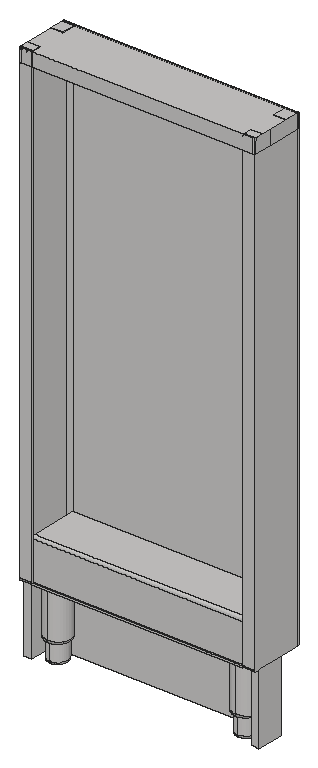
Revit family "Outdoor-Kitchen-Cabinets_Kalamazoo_Appliance-Back-Panels_Arcadia", category Specialty Equipment, Revit 2018
Family settings
  Round Connector Dimension = Use Diameter
  Part Type = Normal
  OmniClass Number = 23.40.40.11
  OmniClass Title = Specialized Food Storage and Display Furnishings
  Work Plane-Based = No
  Always vertical = Yes
  Cut with Voids When Loaded = No
  Shared = No
  Room Calculation Point = No
Parameters (values of type "KD-ABK-15")
  Ι_Gnrc Mdl Optn 02 = Extension : -3/4"
  Ι_Gnrc Mdl Optn 01 = Extension : +3/4"
  Ι_Blt on Dstnc [instance] = if(Height Extension = Ι_Gnrc Mdl Optn 01, 5 1/4", if(Height Extension = Ι_Gnrc Mdl Optn 02, 3 3/4", 4 1/2"))  # 4 1/2"
  Width = 15"
  Weight (lb) = 150.00 lbf
  URL = "https://kalamazoogourmet.com/products/arcadia-15-inch-appliance-back-panel/"
  Product data url = "https://www.bimobject.com/en-us/kalamazoogourmet/product/arcadia-appliance-cabinet"
  Product Material = Kalamazoo - Stainless Steel - 304 OR 316L
  Panel Finish [instance] = Kalamazoo - Ipe Wood
  Optional Decorative Back Panel [instance] = no
  Model = "KD-ABK-15"
  Manufacturer = "Kalamazoo Outdoor Gourmet\r\n"  # constant formula
  Keynote = "11400"
  Height Extension [instance] = Extension : None
  Height [instance] = Ι_Blt on Dstnc + 30 1/2"  # 35"
  Description = "Arcadia 15-Inch Appliance Back Panel"
  Depth = 3 1/2"  # constant formula
  Back Toe-Kick [instance] = yes
  Assembly Code = "E1090300"
Types (5): name | Width | Weight (lb) | URL | Model | Description
  KD-ABK-15 | 15" | 150.00 lbf | "https://kalamazoogourmet.com/products/arcadia-15-inch-appliance-back-panel/" | "KD-ABK-15" | "Arcadia 15-Inch Appliance Back Panel"
  KD-ABK-24 | 24" | 170.00 lbf | "https://kalamazoogourmet.com/products/arcadia-24-inch-appliance-back-panel/" | "KD-ABK-24" | "Arcadia 24-Inch Appliance Back Panel"
  KD-ABK-30 | 30" | 180.00 lbf | "https://kalamazoogourmet.com/products/arcadia-series/" | "KD-ABK-30" | "Arcadia 30-Inch Appliance Back Panel"
  KD-ABK-39 | 39" | 190.00 lbf | "https://kalamazoogourmet.com/products/arcadia-39-inch-appliance-back-panel/" | "KD-ABK-39" | "Arcadia 39-Inch Appliance Back Panel"
  KD-ABK-48 | 48" | 200.00 lbf | "https://kalamazoogourmet.com/products/arcadia-48-inch-appliance-back-panel/" | "KD-ABK-48" | "Arcadia 48-Inch Appliance Back Panel"
Reference planes (in)
  plane 1: y = 0
  plane 2: z = 0
  plane 3 "Center (Left/Right)": x = 0
  plane 4: y = -1.5625
  plane 5 "Center (Front/Back)": y = 1.9375
  plane 6: z = 35
  plane 7: x = -6
  plane 8: x = 6
  plane 9: z = 34.0955
  plane 10: z = 4.5
  plane 11: z = 4.60937
  plane 12: x = -7.5
  plane 13: x = 7.5
Forms (in)
  Revolve 1, solid, material "Kalamazoo - Stainless Steel - 304 OR 316L" <- "Product Material"
    sketch origin (-6, -180, 0.15625) x (0, 0, -1) y (0, -1, 0)
      loop
        line (-1.11125, -179.5947) -> (-4.34375, -179.5947) -> (-4.34375, -180.40727) -> (-1.26737, -180.40727)
        arc (-1.26737, -180.40727) -> (-1.15699, -180.36148) -> (-1.11128, -180.25106) r 0.15621
        line (-1.11128, -180.25106) -> (-1.11128, -180.21979) -> (0.00016, -180.21979)
        arc (0.00016, -180.21979) -> (0.11052, -180.17399) -> (0.15622, -180.06359) r 0.15619
        line (0.15622, -180.06359) -> (0.15622, -179.5947) -> (-1.11125, -179.5947)
      axis (-4.34375, -179.5947) -> (0.15622, -179.5947)
    angle from 0 to 360
  Revolve 2, solid, material "Kalamazoo - Stainless Steel - 304 OR 316L" <- "Product Material"
    sketch origin (6, -180, 0.15625) x (0, 0, -1) y (0, -1, 0)
      loop
        line (-1.11125, -179.5947) -> (-4.34375, -179.5947) -> (-4.34375, -180.40727) -> (-1.26737, -180.40727)
        arc (-1.26737, -180.40727) -> (-1.15699, -180.36148) -> (-1.11128, -180.25106) r 0.15621
        line (-1.11128, -180.25106) -> (-1.11128, -180.21979) -> (0.00016, -180.21979)
        arc (0.00016, -180.21979) -> (0.11052, -180.17399) -> (0.15622, -180.06359) r 0.15619
        line (0.15622, -180.06359) -> (0.15622, -179.5947) -> (-1.11125, -179.5947)
      axis (-4.34375, -179.5947) -> (0.15622, -179.5947)
    angle from 0 to 360
  Extrusion 3, solid, material "Kalamazoo - Stainless Steel - 304 OR 316L" <- "Product Material", visible <- "Back Toe-Kick"
    sketch origin (0, -9.75763, 45.43725) x (0, 1, 0) y (-1, 0, 0)
      loop
        line (10.2249, -7.5) -> (10.2249, 7.5) -> (8.53976, 7.5) -> (8.53976, 7) -> (10.1649, 7) -> (10.1649, -7) -> (8.53976, -7) -> (8.53976, -7.5) -> (10.2249, -7.5)
    from -45.43725 to -40.93725
Dimensions and locks (in)
  "Depth": plane 4 to plane 5 "Center (Front/Back)"
  "Height": plane 6 to level
  locked: plane 6 to plane 9 at 0.9045
  "Ι_Blt on Dstnc": plane 10 to level
  locked: plane 11 to plane 10 at 0.10938
  equal spacing: plane 12, plane 3 "Center (Left/Right)", plane 13
  "Width": plane 12 to plane 13
  Extrusion 3 sketch curve to Extrusion 3 sketch curve to plane 7 = 1/2" locked, 1" locked
  plane 8 to Extrusion 3 sketch curve to Extrusion 3 sketch curve = 1" locked, 1/2" locked
  Extrusion 3 sketch curve to Extrusion 3 sketch curve to plane 1 to Extrusion 3 sketch curve = 0.06" locked, 0.40727" locked, 1.21787" locked
  locked: Extrusion 3 sketch curve to plane 1 at 1.21787
  locked: plane 7 to plane 12 at 1.5
  locked: plane 13 to plane 8 at 1.5
  aligned and locked: plane 2 to level
  aligned and locked: Revolve 1 to plane 10
  aligned and locked: plane 10 to Revolve 2
  aligned and locked: plane 10 to nested 1
  aligned and locked: plane 1 to nested 1
  aligned and locked: plane 3 "Center (Left/Right)" to nested 1
  aligned and locked: Extrusion 3 to plane 2
  aligned and locked: plane 10 to Extrusion 3
Automatic sketch dimensions
  plane 1 to Revolve 1 sketch curve = 0.4053"  (x2)
  level to Revolve 1 sketch curve = 4 1/2"
  Revolve 1 sketch curve to plane 1 = 0.25106"
  level to Revolve 1 sketch curve = 1.42373"
  Revolve 1 sketch curve to Revolve 1 sketch curve = 0.00012"
  Revolve 1 sketch curve to Revolve 1 sketch curve = 0.15621"
  Revolve 1 sketch curve to Revolve 1 sketch curve = 0.00003"
  Revolve 1 sketch curve to plane 1 = 0.06359"
  level to Revolve 1 sketch curve = 0.15623"
  level to Revolve 1 sketch curve = 0.15609"
  level to Revolve 1 sketch curve = 0.00003"
  Revolve 1 sketch curve to Revolve 1 sketch curve = 0"
  Revolve 1 sketch curve to level = 1.24997"
  Revolve 2 sketch curve to plane 1 = 0.4053"  (x2)
  Revolve 2 sketch curve to level = 4 1/2"
  plane 1 to Revolve 2 sketch curve = 0.25106"
  Revolve 2 sketch curve to level = 1.42373"
  Revolve 2 sketch curve to Revolve 2 sketch curve = 0.00012"
  Revolve 2 sketch curve to Revolve 2 sketch curve = 0.15621"
  Revolve 2 sketch curve to Revolve 2 sketch curve = 0.00003"
  plane 1 to Revolve 2 sketch curve = 0.06359"
  Revolve 2 sketch curve to level = 0.15623"
  Revolve 2 sketch curve to level = 0.15609"
  Revolve 2 sketch curve to level = 0.00003"
  Revolve 2 sketch curve to Revolve 2 sketch curve = 0"
  level to Revolve 2 sketch curve = 1.24997"
Nested families (in)
  nested 1: "Grill-Surrounds-and-Back-Panels" at (0, 0, 0), Ι_Blt on Dstnc <- "Ι_Blt on Dstnc", Height <- "Height", type "KD-BKFP-500H-28"
    with Height 35", Width 15"
Definition of nested family "Grill-Surrounds-and-Back-Panels"
  Parameters (values of type "KD-BKFP-500H-28")
    Ι_Bth_Nt_FT60 = yes
    Ι_Bth_FT60 = no
    Ι_Blt on Dstnc [instance] = 4 1/2"
    Width = 28"
    URL = "https://kalamazoogourmet.com/products/arcadia-k500hb-grill-surround/"
    Product Material = none
    Panel = none
    Optional Decorative Back Panel = no
    Model = "KD-SURR-500H-34"
    Manufacturer = "Kalamazoo"  # constant formula
    Keynote = "11400"
    Height [instance] = 35"
    Description = "ARCADIA K750HB GRILL SURROUND"
    Depth = 3 1/2"  # constant formula
    BKPNLSNGL = and(Optional Decorative Back Panel, Width < 29")  # no
    BKPNLDBL = and(Optional Decorative Back Panel, Width > 29")  # no
    Assembly Code = "E1090300"
  Reference planes (in)
    plane 1: y = 0
    plane 2: z = 0
    plane 3 "Center (Left/Right)": x = 0
    plane 4: x = -14
    plane 5: x = 14
    plane 6: y = -1.5625
    plane 7 "Center (Front/Back)": y = 1.9375
    plane 8: x = 13.23897
    plane 9: x = -13.23897
    plane 10: x = -9.952
    plane 11: x = -7.1375
    plane 12: z = 35
    plane 13: x = -13.75
    plane 14: x = 13.75
    plane 15: x = -24
    plane 16: x = 24
    plane 17: x = -14
    plane 18: x = 14
    plane 19: x = -13.75
    plane 20: x = 13.75
    plane 21: x = -10.4501
    plane 22: x = 10.4501
    plane 23: z = 34.0955
    plane 24: z = 4.5
    plane 25: z = 4.60937
    plane 26: x = -1.135
    plane 27: x = 1.135
    plane 28: x = -12.23897
    plane 29: x = 12.23897
    plane 30: z = 34.8
    plane 31: x = 12.75
    plane 32: x = -12.75
  Forms (in)
    Extrusion 1, solid, material <- "Product Material", detail levels fine
      sketch origin (-8.82527, -180, 0.15636) x (0, 0, -1) y (0, -1, 0)
        loop
          line (-34.73564, -181.9375) -> (-4.45164, -181.9375)
          arc (-4.45164, -181.9375) -> (-4.37527, -181.90587) -> (-4.34364, -181.8295) r 0.108
          line (-4.34364, -181.8295) -> (-4.34364, -178.5455)
          arc (-4.34364, -178.5455) -> (-4.37527, -178.46913) -> (-4.45164, -178.4375) r 0.108
          line (-4.45164, -178.4375) -> (-34.73564, -178.4375)
          arc (-34.73564, -178.4375) -> (-34.81201, -178.46913) -> (-34.84364, -178.5455) r 0.108
          line (-34.84364, -178.5455) -> (-34.84364, -179.0625) -> (-34.49464, -179.0625) -> (-34.49464, -180.9375) -> (-34.84364, -180.9375) -> (-34.84364, -181.8295)
          arc (-34.84364, -181.8295) -> (-34.81201, -181.90587) -> (-34.73564, -181.9375) r 0.108
      from 4.4137 to 5.17473
    Extrusion 2, solid, material <- "Product Material", detail levels fine
      sketch origin (8.82527, -180, 0.15636) x (0, 0, -1) y (0, 1, 0)
        loop
          arc (-34.73564, 181.9375) -> (-34.81201, 181.90587) -> (-34.84364, 181.8295) r 0.108
          line (-34.84364, 181.8295) -> (-34.84364, 180.9375) -> (-34.49464, 180.9375) -> (-34.49464, 179.0625) -> (-34.84364, 179.0625) -> (-34.84364, 178.5455)
          arc (-34.84364, 178.5455) -> (-34.81201, 178.46913) -> (-34.73564, 178.4375) r 0.108
          line (-34.73564, 178.4375) -> (-4.45164, 178.4375)
          arc (-4.45164, 178.4375) -> (-4.37527, 178.46913) -> (-4.34364, 178.5455) r 0.108
          line (-4.34364, 178.5455) -> (-4.34364, 181.8295)
          arc (-4.34364, 181.8295) -> (-4.37527, 181.90587) -> (-4.45164, 181.9375) r 0.108
          line (-4.45164, 181.9375) -> (-34.73564, 181.9375)
      from 4.4137 to 5.17473
    Extrusion 3, void
      sketch origin (-8.82527, -180, 0.15636) x (0, 0, -1) y (0, -1, 0)
        loop
          line (-34.49464, -181.8295) -> (-4.45301, -181.8295) -> (-4.45301, -178.5455) -> (-34.49464, -178.5455) -> (-34.49464, -181.8295)
      from 4.4137 to 4.92473
    Extrusion 4, void
      sketch origin (8.82527, -180, 0.15636) x (0, 0, -1) y (0, 1, 0)
        loop
          line (-34.49464, 181.8295) -> (-34.49464, 178.5455) -> (-4.45301, 178.5455) -> (-4.45301, 181.8295) -> (-34.49464, 181.8295)
      from 4.4137 to 4.92473
    Extrusion 5, solid, material <- "Product Material"
      sketch origin (0, 0, 0) x (1, 0, 0) y (0, 0, 1)
        loop
          line (-13.23897, 4.60937) -> (-13.23897, 4.5) -> (13.23897, 4.5) -> (13.23897, 4.60937) -> (-13.23897, 4.60937)
      from -1.8295 to 1.5625
    Extrusion 6, solid, material <- "Product Material"
      sketch origin (-8.82527, -180, 0.15636) x (0, 0, -1) y (0, -1, 0)
        loop
          arc (-34.84364, -181.8295) -> (-34.81213, -181.90575) -> (-34.73599, -181.9375) r 0.108
          line (-34.73599, -181.9375) -> (-4.45164, -181.9375)
          arc (-4.45164, -181.9375) -> (-4.37527, -181.90587) -> (-4.34364, -181.8295) r 0.108
          line (-4.34364, -181.8295) -> (-34.84364, -181.8295)
      from -22.82527 to 5.17473
    Extrusion 7, solid, material <- "Product Material"
      sketch origin (-8.82527, -180, 0.15636) x (0, 0, -1) y (0, -1, 0)
        loop
          line (-7.09962, -178.7105) -> (-7.09962, -181.76874) -> (-7.99462, -181.76874) -> (-7.99462, -181.8295) -> (-4.45301, -181.8295) -> (-4.45301, -178.5455) -> (-6.93462, -178.5455)
          arc (-6.93462, -178.5455) -> (-7.05129, -178.59383) -> (-7.09962, -178.7105) r 0.165
      from -22.06424 to 4.4137
    Extrusion 8, solid, material <- "Product Material", detail levels coarse+medium
      sketch origin (-8.82527, -180, 0.15636) x (0, 0, -1) y (0, -1, 0)
        loop
          line (-34.73564, -181.9375) -> (-4.45164, -181.9375)
          arc (-4.45164, -181.9375) -> (-4.37527, -181.90587) -> (-4.34364, -181.8295) r 0.108
          line (-4.34364, -181.8295) -> (-4.34364, -178.5455)
          arc (-4.34364, -178.5455) -> (-4.37527, -178.46913) -> (-4.45164, -178.4375) r 0.108
          line (-4.45164, -178.4375) -> (-34.73564, -178.4375)
          arc (-34.73564, -178.4375) -> (-34.81201, -178.46913) -> (-34.84364, -178.5455) r 0.108
          line (-34.84364, -178.5455) -> (-34.84364, -179.0625) -> (-34.84364, -180.9375) -> (-34.84364, -181.8295)
          arc (-34.84364, -181.8295) -> (-34.81201, -181.90587) -> (-34.73564, -181.9375) r 0.108
      from 4.4137 to 5.17473
    Extrusion 9, solid, material <- "Product Material", detail levels coarse+medium
      sketch origin (8.82527, -180, 0.15636) x (0, 0, -1) y (0, 1, 0)
        loop
          arc (-34.73564, 181.9375) -> (-34.81201, 181.90587) -> (-34.84364, 181.8295) r 0.108
          line (-34.84364, 181.8295) -> (-34.84364, 180.9375) -> (-34.84364, 179.0625) -> (-34.84364, 178.5455)
          arc (-34.84364, 178.5455) -> (-34.81201, 178.46913) -> (-34.73564, 178.4375) r 0.108
          line (-34.73564, 178.4375) -> (-4.45164, 178.4375)
          arc (-4.45164, 178.4375) -> (-4.37527, 178.46913) -> (-4.34364, 178.5455) r 0.108
          line (-4.34364, 178.5455) -> (-4.34364, 181.8295)
          arc (-4.34364, 181.8295) -> (-4.37527, 181.90587) -> (-4.45164, 181.9375) r 0.108
          line (-4.45164, 181.9375) -> (-34.73564, 181.9375)
      from 4.4137 to 5.17473
    Extrusion 10, solid, material <- "Product Material"
      sketch origin (0, -9.75763, 45.43725) x (0, 1, 0) y (-1, 0, 0)
        loop
          line (9.34676, 14) -> (8.30313, 14)
          arc (8.30313, 14) -> (8.22676, 13.96837) -> (8.19513, 13.892) r 0.108
          line (8.19513, 13.892) -> (8.19513, -13.88097)
          arc (8.19513, -13.88097) -> (8.22277, -13.9644) -> (8.30313, -14) r 0.10851
          line (8.30313, -14) -> (9.35438, -14) -> (11.58713, -14)
          arc (11.58713, -14) -> (11.6635, -13.96837) -> (11.69513, -13.892) r 0.108
          line (11.69513, -13.892) -> (11.69513, 13.892)
          arc (11.69513, 13.892) -> (11.6635, 13.96837) -> (11.58713, 14) r 0.108
          line (11.58713, 14) -> (9.34676, 14)
      from -11.34175 to -10.43725
    Extrusion 11, solid, material <- "Panel", visible <- "BKPNLDBL"
      sketch origin (0, 0, 0) x (1, 0, 0) y (0, 0, 1)
        loop
          line (-12.75, 34.89235) -> (-12.75, 27.36) -> (-1.135, 27.36) -> (-1.135, 34.89235) -> (-12.75, 34.89235)
        loop
          line (12.75, 27.36) -> (12.75, 34.89235) -> (1.135, 34.89235) -> (1.135, 27.36) -> (12.75, 27.36)
        loop
          line (-12.75, 27.18) -> (-12.75, 19.74) -> (-1.135, 19.74) -> (-1.135, 27.18) -> (-12.75, 27.18)
        loop
          line (-12.75, 12.12) -> (-1.135, 12.12) -> (-1.135, 19.56) -> (-12.75, 19.56) -> (-12.75, 12.12)
        loop
          line (-12.75, 4.5) -> (-1.135, 4.5) -> (-1.135, 11.94) -> (-12.75, 11.94) -> (-12.75, 4.5)
        loop
          line (12.75, 19.74) -> (12.75, 27.18) -> (1.135, 27.18) -> (1.135, 19.74) -> (12.75, 19.74)
        loop
          line (12.75, 12.12) -> (12.75, 19.56) -> (1.135, 19.56) -> (1.135, 12.12) -> (12.75, 12.12)
        loop
          line (12.75, 4.5) -> (12.75, 11.94) -> (1.135, 11.94) -> (1.135, 4.5) -> (12.75, 4.5)
      from -2.8475 to -1.9375
    Extrusion 12, solid, material <- "Product Material", visible <- "Optional Decorative Back Panel"
      sketch origin (0, -9.75763, 45.43725) x (0, 1, 0) y (-1, 0, 0)
        loop
          line (11.69513, -13.75) -> (12.48764, -13.75)
          arc (12.48764, -13.75) -> (12.56678, -13.71722) -> (12.59957, -13.63807) r 0.11193
          line (12.59957, -13.63807) -> (12.59957, -12.85168)
          arc (12.59957, -12.85168) -> (12.56979, -12.77978) -> (12.49789, -12.75) r 0.10168
          line (12.49789, -12.75) -> (11.69513, -12.75) -> (11.69513, -13.75)
        loop
          line (11.69513, 13.75) -> (11.69513, 12.75) -> (12.49789, 12.75)
          arc (12.49789, 12.75) -> (12.56979, 12.77978) -> (12.59957, 12.85168) r 0.10168
          line (12.59957, 12.85168) -> (12.59957, 13.63807)
          arc (12.59957, 13.63807) -> (12.56678, 13.71722) -> (12.48764, 13.75) r 0.11193
          line (12.48764, 13.75) -> (11.69513, 13.75)
      from -40.93725 to -10.63725
    Extrusion 13, solid
      sketch origin (0, 0, 0) x (1, 0, 0) y (0, 0, 1)
        loop
          line (-13.23897, 34.0955) -> (-13.23897, 4.5) -> (13.23897, 4.5) -> (13.23897, 34.0955) -> (-13.23897, 34.0955)
      from -1.8295 to -1.75467
    Extrusion 14, solid, material <- "Panel", visible <- "BKPNLSNGL"
      sketch origin (0, 0, 0) x (1, 0, 0) y (0, 0, 1)
        loop
          line (12.75, 11.94) -> (-12.75, 11.94) -> (-12.75, 4.5) -> (12.75, 4.5) -> (12.75, 11.94)
        loop
          line (12.75, 19.56) -> (-12.75, 19.56) -> (-12.75, 12.12) -> (12.75, 12.12) -> (12.75, 19.56)
        loop
          line (-12.75, 19.74) -> (12.75, 19.74) -> (12.75, 27.18) -> (-12.75, 27.18) -> (-12.75, 19.74)
        loop
          line (-12.75, 27.36) -> (12.75, 27.36) -> (12.75, 34.89235) -> (-12.75, 34.89235) -> (-12.75, 27.36)
      from -2.8475 to -1.9375
    Extrusion 15, solid, material <- "Product Material", visible <- "BKPNLDBL"
      sketch origin (0, -9.75763, 45.43725) x (0, 1, 0) y (-1, 0, 0)
        loop
          arc (12.60513, 1.02307) -> (12.57235, 1.10222) -> (12.4932, 1.135) r 0.11193
          line (12.4932, 1.135) -> (11.69513, 1.135) -> (11.69513, 0.135) -> (12.50345, 0.135)
          arc (12.50345, 0.135) -> (12.57535, 0.16478) -> (12.60513, 0.23668) r 0.10168
          line (12.60513, 0.23668) -> (12.60513, 1.02307)
        loop
          arc (12.60513, -0.23668) -> (12.57535, -0.16478) -> (12.50345, -0.135) r 0.10168
          line (12.50345, -0.135) -> (11.69513, -0.135) -> (11.69513, -1.135) -> (12.4932, -1.135)
          arc (12.4932, -1.135) -> (12.57235, -1.10222) -> (12.60513, -1.02307) r 0.11193
          line (12.60513, -1.02307) -> (12.60513, -0.23668)
      from -40.93725 to -10.5449
  Cuts and joins
    Extrusion 3, Extrusion 4 cuts Extrusion 1
    Extrusion 4 cuts Extrusion 2
  Lines and regions (in)
    Masking region 1, detail levels fine
      outline origin (0, -9.75763, 45.43725) x (0, 1, 0) y (-1, 0, 0)
        loop
          arc (10.69513, 13.87) -> (9.75796, 13.5) -> (8.82013, 13.86832) r 1.375
          line (8.82013, 13.86832) -> (8.82013, 14) -> (8.30313, 14)
          arc (8.30313, 14) -> (8.22676, 13.96837) -> (8.19513, 13.892) r 0.108
          line (8.19513, 13.892) -> (8.19513, -13.88097)
          arc (8.19513, -13.88097) -> (8.22277, -13.9644) -> (8.30313, -14) r 0.10851
          line (8.30313, -14) -> (8.82013, -14) -> (8.82013, -13.87)
          arc (8.82013, -13.87) -> (9.7573, -13.5) -> (10.69513, -13.86832) r 1.375
          line (10.69513, -13.86832) -> (10.69513, -14) -> (11.58713, -14)
          arc (11.58713, -14) -> (11.6635, -13.96837) -> (11.69513, -13.892) r 0.108
          line (11.69513, -13.892) -> (11.69513, 13.892)
          arc (11.69513, 13.892) -> (11.6635, 13.96837) -> (11.58713, 14) r 0.108
          line (11.58713, 14) -> (10.69513, 14) -> (10.69513, 13.87)
    Masking region 2
      outline origin (0, -9.75763, 45.43725) x (0, 1, 0) y (-1, 0, 0)
        loop
          arc (11.69513, 13.892) -> (11.6635, 13.96837) -> (11.58713, 14) r 0.108
          line (11.58713, 14) -> (9.34676, 14) -> (8.30313, 14)
          arc (8.30313, 14) -> (8.22676, 13.96837) -> (8.19513, 13.892) r 0.108
          line (8.19513, 13.892) -> (8.19513, -13.88097)
          arc (8.19513, -13.88097) -> (8.22277, -13.9644) -> (8.30313, -14) r 0.10851
          line (8.30313, -14) -> (9.35438, -14) -> (11.58713, -14)
          arc (11.58713, -14) -> (11.6635, -13.96837) -> (11.69513, -13.892) r 0.108
          line (11.69513, -13.892) -> (11.69513, 13.892)
    Masking region 3, visible <- "Optional Decorative Back Panel"
      outline origin (0, -9.75763, 45.43725) x (0, 1, 0) y (-1, 0, 0)
        loop
          line (12.59957, -13.63807) -> (12.59957, -12.85168)
          arc (12.59957, -12.85168) -> (12.56979, -12.77978) -> (12.49789, -12.75) r 0.10168
          line (12.49789, -12.75) -> (11.69513, -12.75) -> (11.69513, -13.75) -> (12.48764, -13.75)
          arc (12.48764, -13.75) -> (12.56678, -13.71722) -> (12.59957, -13.63807) r 0.11193
        loop
          line (12.59957, 12.85168) -> (12.59957, 13.63807)
          arc (12.59957, 13.63807) -> (12.56678, 13.71722) -> (12.48764, 13.75) r 0.11193
          line (12.48764, 13.75) -> (11.69513, 13.75) -> (11.69513, 12.75) -> (12.49789, 12.75)
          arc (12.49789, 12.75) -> (12.56979, 12.77978) -> (12.59957, 12.85168) r 0.10168
    Masking region 4, visible <- "BKPNLDBL"
      outline origin (0, -9.75763, 45.43725) x (0, 1, 0) y (-1, 0, 0)
        loop
          line (12.60513, 1.135) -> (12.60513, 12.75) -> (11.69513, 12.75) -> (11.69513, 1.135) -> (12.60513, 1.135)
        loop
          line (12.60513, -12.75) -> (12.60513, -1.135) -> (11.69513, -1.135) -> (11.69513, -12.75) -> (12.60513, -12.75)
    Masking region 5, visible <- "BKPNLDBL"
      outline origin (0, -9.75763, 45.43725) x (0, 1, 0) y (-1, 0, 0)
        loop
          line (12.60513, 0.23668) -> (12.60513, 1.02307)
          arc (12.60513, 1.02307) -> (12.57235, 1.10222) -> (12.4932, 1.135) r 0.11193
          line (12.4932, 1.135) -> (11.69513, 1.135) -> (11.69513, 0.135) -> (12.50345, 0.135)
          arc (12.50345, 0.135) -> (12.57535, 0.16478) -> (12.60513, 0.23668) r 0.10168
        loop
          line (12.60513, -1.02307) -> (12.60513, -0.23668)
          arc (12.60513, -0.23668) -> (12.57535, -0.16478) -> (12.50345, -0.135) r 0.10168
          line (12.50345, -0.135) -> (11.69513, -0.135) -> (11.69513, -1.135) -> (12.4932, -1.135)
          arc (12.4932, -1.135) -> (12.57235, -1.10222) -> (12.60513, -1.02307) r 0.11193
    Masking region 6, visible <- "BKPNLSNGL"
      outline origin (0, -9.75763, 45.43725) x (0, 1, 0) y (-1, 0, 0)
        loop
          line (12.60513, -12.75) -> (12.60513, 12.75) -> (11.69513, 12.75) -> (11.69513, -12.75) -> (12.60513, -12.75)
    symbolic lines, detail levels fine
      curve 1: line (-14, 0.9375, 45.43725) -> (-14, -0.9375, 45.43725)
      curve 2: line (14, 0.9375, 45.43725) -> (14, -0.9375, 45.43725)
  Dimensions and locks (in)
    equal spacing: plane 4, plane 3 "Center (Left/Right)", plane 5
    "Depth": plane 6 to plane 7 "Center (Front/Back)"
    locked: plane 10 to plane 11 at 2.8145
    locked: plane 4 to plane 10 at 4.048
    "Height": plane 12 to level
    locked: plane 4 to plane 13 at 0.25
    locked: plane 5 to plane 14 at 0.25
    locked: plane 9 to plane 4 at 0.76103
    locked: plane 8 to plane 5 at 0.76103
    locked: plane 17 to plane 19 at 0.25
    locked: plane 20 to plane 18 at 0.25
    locked: plane 4 to plane 21 at 3.5499
    locked: plane 5 to plane 22 at 3.5499
    locked: plane 12 to plane 23 at 0.9045
    "Ι_Blt on Dstnc": plane 24 to level
    locked: plane 25 to plane 24 at 0.10938
    Extrusion 7 sketch curve to Extrusion 7 sketch curve to plane 24 = 0.895" locked, 2.75598" locked
    equal spacing: plane 26, plane 3 "Center (Left/Right)", plane 27
    locked: plane 28 to plane 9 at 1
    locked: plane 8 to plane 29 at 1
    plane 7 "Center (Front/Back)" to Extrusion 12 sketch curve to Extrusion 12 sketch curve = 0.79251", 0.01025" locked
    plane 7 "Center (Front/Back)" to Extrusion 12 sketch curve = 0"
    Extrusion 12 sketch curve to plane 7 "Center (Front/Back)" = 0"
    plane 7 "Center (Front/Back)" to Extrusion 12 sketch curve = 0.79251"
    plane 7 "Center (Front/Back)" to Extrusion 12 sketch curve = 0.80276"
    locked: plane 12 to plane 30 at 0.2
    locked: plane 7 "Center (Front/Back)" to Extrusion 13 at 0.18283
    locked: plane 31 to plane 18 at 1.25
    locked: plane 17 to plane 32 at 1.25
    "Width": plane 4 to plane 5
    locked: plane 5 to plane 18 at 0
    locked: plane 17 to plane 4 at 0
    Extrusion 15 sketch curve to Extrusion 15 sketch curve to plane 27 = 0.27" locked, 1" locked
    aligned and locked: plane 2 to level
    aligned and locked: Extrusion 1 to plane 4
    aligned and locked: plane 9 to Extrusion 1
    aligned and locked: plane 5 to Extrusion 2
    aligned and locked: plane 8 to Extrusion 2
    aligned and locked: plane 9 to Extrusion 3
    aligned and locked: plane 13 to cut or joined group of Extrusion 1, Extrusion 3, Extrusion 4
    aligned and locked: plane 8 to Extrusion 5 sketch curve
    aligned and locked: plane 9 to Extrusion 5 sketch curve
    aligned and locked: Extrusion 7 to plane 8
    aligned and locked: Extrusion 7 to plane 9
    aligned and locked: Extrusion 8 to plane 4
    aligned and locked: plane 9 to Extrusion 8
    aligned and locked: plane 8 to Extrusion 9
    aligned and locked: plane 5 to Extrusion 9
    aligned and locked: plane 5 to Extrusion 10 sketch curve
    aligned and locked: plane 4 to Extrusion 10 sketch curve
    aligned and locked: plane 5 to Masking region 1 sketch curve  (x2)
    aligned and locked: Masking region 1 sketch curve to plane 4  (x2)
    aligned and locked: curve 2 to plane 5
    aligned and locked: curve 1 to plane 4
    aligned and locked: plane 5 to Masking region 2 sketch curve
    aligned and locked: Masking region 2 sketch curve to plane 4
    aligned and locked: Extrusion 1 sketch curve to plane 24
    aligned and locked: Extrusion 2 sketch curve to plane 24
    aligned and locked: plane 24 to Extrusion 6 sketch curve
    aligned and locked: Extrusion 5 to plane 24
    aligned and locked: Extrusion 5 to plane 25
    aligned and locked: plane 25 to cut or joined group of Extrusion 1, Extrusion 3, Extrusion 4
    aligned and locked: plane 25 to Extrusion 7
    aligned and locked: plane 25 to cut or joined group of Extrusion 2, Extrusion 4
    aligned and locked: Extrusion 10 to plane 23
    aligned and locked: plane 12 to Extrusion 10
    aligned and locked: Extrusion 9 sketch curve to plane 24
    aligned and locked: Extrusion 8 sketch curve to plane 24
    aligned and locked: Extrusion 6 to plane 17
    aligned and locked: Extrusion 6 to plane 18
    aligned and locked: Extrusion 12 to plane 24
    aligned and locked: Extrusion 12 to plane 30
    aligned and locked: Extrusion 11 sketch curve to plane 26  (x4)
    aligned and locked: Extrusion 11 sketch curve to plane 27  (x4)
    aligned and locked: Extrusion 13 sketch curve to plane 23
    aligned and locked: plane 9 to Extrusion 13 sketch curve
    aligned and locked: plane 8 to Extrusion 13 sketch curve
    aligned and locked: plane 24 to Extrusion 13 sketch curve
    aligned and locked: plane 19 to Extrusion 12 sketch curve
    aligned and locked: Extrusion 12 sketch curve to plane 20
    aligned and locked: Extrusion 11 sketch curve to plane 32  (x4)
    aligned and locked: plane 31 to Extrusion 11 sketch curve  (x4)
    aligned and locked: Masking region 3 sketch curve to Extrusion 12  (x4)
    aligned and locked: Extrusion 12 to Masking region 3 sketch curve  (x2)
    aligned and locked: Extrusion 11 to Masking region 4 sketch curve  (x3)
    aligned and locked: Masking region 4 sketch curve to Extrusion 11  (x5)
    aligned and locked: Extrusion 11 sketch curve to Extrusion 6
    aligned and locked: Extrusion 11 sketch curve to Extrusion 11 sketch curve
    aligned and locked: plane 14 to Extrusion 4
    aligned and locked: plane 8 to Extrusion 4
    aligned and locked: Masking region 3 sketch curve to plane 32
    aligned and locked: Extrusion 12 sketch curve to plane 32
    aligned and locked: plane 31 to Extrusion 12 sketch curve
    aligned and locked: Extrusion 14 sketch curve to Extrusion 11  (x8)
    aligned and locked: Extrusion 14 to Extrusion 11
    aligned and locked: plane 7 "Center (Front/Back)" to Extrusion 14
    aligned and locked: Extrusion 12 to Extrusion 14 sketch curve  (x2)
    aligned and locked: Extrusion 5 to Extrusion 15
    aligned and locked: Extrusion 15 to Extrusion 11
    aligned and locked: plane 26 to Extrusion 15 sketch curve
    aligned and locked: Extrusion 15 sketch curve to plane 27
    aligned and locked: Masking region 5 sketch curve to Extrusion 15  (x8)
    aligned and locked: Masking region 6 sketch curve to Extrusion 14  (x4)
  Automatic sketch dimensions
    curve 1 to plane 6 = 5/8"
    curve 2 to plane 6 = 5/8"
    curve 1 to plane 1 = 15/16"
    curve 2 to plane 1 = 15/16"
    Extrusion 1 sketch curve to plane 12 = 0"  (x2)
    Extrusion 1 sketch curve to plane 6 = 0"
    Extrusion 1 sketch curve to plane 7 "Center (Front/Back)" = 0"
    Extrusion 1 sketch curve to Extrusion 1 sketch curve = 0.108"
    Extrusion 1 sketch curve to plane 12 = 0.108"
    Extrusion 1 sketch curve to Extrusion 1 sketch curve = 0.349"
    plane 25 to Extrusion 1 sketch curve = 0.00138"  (x2)
    Extrusion 1 sketch curve to Extrusion 1 sketch curve = 0.892"
    Extrusion 1 sketch curve to Extrusion 1 sketch curve = 0.517"
    Extrusion 2 sketch curve to plane 12 = 0"  (x2)
    Extrusion 2 sketch curve to plane 6 = 0"
    Extrusion 2 sketch curve to plane 7 "Center (Front/Back)" = 0"
    Extrusion 2 sketch curve to Extrusion 2 sketch curve = 0.108"
    Extrusion 2 sketch curve to plane 12 = 0.108"
    Extrusion 2 sketch curve to Extrusion 2 sketch curve = 0.349"
    plane 25 to Extrusion 2 sketch curve = 0.00138"  (x2)
    Extrusion 2 sketch curve to Extrusion 2 sketch curve = 0.517"
    Extrusion 2 sketch curve to Extrusion 2 sketch curve = 0.892"
    plane 25 to Extrusion 3 sketch curve = 0"
    plane 7 "Center (Front/Back)" to Extrusion 3 sketch curve = 0.108"
    Extrusion 3 sketch curve to plane 12 = 0.349"
    Extrusion 3 sketch curve to plane 6 = 0.108"
    plane 25 to Extrusion 4 sketch curve = 0"
    plane 7 "Center (Front/Back)" to Extrusion 4 sketch curve = 0.108"
    Extrusion 4 sketch curve to plane 12 = 0.349"
    Extrusion 4 sketch curve to plane 6 = 0.108"
    Extrusion 5 sketch curve to plane 24 = 0"
    Extrusion 5 sketch curve to plane 25 = 0"
    plane 7 "Center (Front/Back)" to Extrusion 6 sketch curve = 0"
    plane 25 to Extrusion 6 sketch curve = 0.00138"
    Extrusion 6 sketch curve to plane 12 = 0.108"
    Extrusion 6 sketch curve to plane 12 = 0.10765"
    plane 25 to Extrusion 7 sketch curve = 0"
    Extrusion 7 sketch curve to plane 6 = 0.108"
    Extrusion 7 sketch curve to Extrusion 7 sketch curve = 0.165"
    plane 7 "Center (Front/Back)" to Extrusion 7 sketch curve = 0.16876"
    plane 7 "Center (Front/Back)" to Extrusion 7 sketch curve = 0.108"
    Extrusion 8 sketch curve to plane 12 = 0"  (x3)
    Extrusion 8 sketch curve to plane 6 = 0"
    Extrusion 8 sketch curve to plane 7 "Center (Front/Back)" = 0"
    Extrusion 8 sketch curve to Extrusion 8 sketch curve = 0.108"
    Extrusion 8 sketch curve to plane 12 = 0.108"
    plane 25 to Extrusion 8 sketch curve = 0.00138"  (x2)
    Extrusion 8 sketch curve to Extrusion 8 sketch curve = 0.892"
    Extrusion 8 sketch curve to Extrusion 8 sketch curve = 0"  (x2)
    Extrusion 8 sketch curve to Extrusion 8 sketch curve = 0.517"
    Extrusion 9 sketch curve to plane 12 = 0"  (x3)
    Extrusion 9 sketch curve to plane 6 = 0"
    Extrusion 9 sketch curve to plane 7 "Center (Front/Back)" = 0"
    Extrusion 9 sketch curve to Extrusion 9 sketch curve = 0.108"
    Extrusion 9 sketch curve to plane 12 = 0.108"
    plane 25 to Extrusion 9 sketch curve = 0.00138"  (x2)
    Extrusion 9 sketch curve to Extrusion 9 sketch curve = 0.517"
    Extrusion 9 sketch curve to Extrusion 9 sketch curve = 0"  (x2)
    Extrusion 9 sketch curve to Extrusion 9 sketch curve = 0.892"
    plane 6 to Extrusion 10 sketch curve = 0"
    Extrusion 10 sketch curve to Extrusion 10 sketch curve = 0.108"
    Extrusion 10 sketch curve to plane 6 = 0.108"
    plane 1 to Extrusion 10 sketch curve = 0.41087"
    plane 1 to Extrusion 10 sketch curve = 0.40325"
    plane 7 "Center (Front/Back)" to Extrusion 10 sketch curve = 0.108"  (x2)
    Extrusion 10 sketch curve to plane 7 "Center (Front/Back)" = 0"
    Extrusion 10 sketch curve to Extrusion 10 sketch curve = 0.10851"
    Masking region 1 sketch curve to plane 6 = 0"
    Masking region 1 sketch curve to plane 6 = 0.108"  (x2)
    Masking region 1 sketch curve to Masking region 1 sketch curve = 0.517"  (x2)
    plane 14 to Masking region 1 sketch curve = 0.12"
    plane 1 to Masking region 1 sketch curve = 0.0009"
    Masking region 1 sketch curve to plane 1 = 0.0009"
    plane 14 to Masking region 1 sketch curve = 0.11832"
    Masking region 1 sketch curve to plane 1 = 15/16"  (x2)
    plane 7 "Center (Front/Back)" to Masking region 1 sketch curve = 0.108"  (x2)
    Masking region 1 sketch curve to plane 7 "Center (Front/Back)" = 0"
    Masking region 1 sketch curve to Masking region 1 sketch curve = 0.10851"
    plane 13 to Masking region 1 sketch curve = 0.11832"
    Masking region 1 sketch curve to Masking region 1 sketch curve = 0.13"
    Masking region 2 sketch curve to plane 6 = 0"
    Masking region 2 sketch curve to plane 6 = 0.108"  (x2)
    plane 1 to Masking region 2 sketch curve = 0.41087"
    plane 1 to Masking region 2 sketch curve = 0.40325"
    plane 7 "Center (Front/Back)" to Masking region 2 sketch curve = 0.108"  (x2)
    Masking region 2 sketch curve to plane 7 "Center (Front/Back)" = 0"
    Masking region 2 sketch curve to Masking region 2 sketch curve = 0.10851"
    Extrusion 11 sketch curve to plane 24 = 0"  (x2)
    Extrusion 11 sketch curve to plane 25 = 7.33062"
    Extrusion 11 sketch curve to Extrusion 11 sketch curve = 0"  (x2)
    Extrusion 11 sketch curve to Extrusion 11 sketch curve = 0.18"  (x6)
    Extrusion 11 sketch curve to Extrusion 11 sketch curve = 7.44"
    Extrusion 11 sketch curve to plane 23 = 6.9155"  (x2)
    Masking region 3 sketch curve to Masking region 3 sketch curve = 0.10168"
    Extrusion 12 sketch curve to plane 13 = 0.11193"
    Extrusion 12 sketch curve to Extrusion 12 sketch curve = 0.11193"
    Extrusion 14 sketch curve to plane 31 = 0"  (x3)
    plane 32 to Extrusion 14 sketch curve = 0"  (x3)
    plane 7 "Center (Front/Back)" to Extrusion 15 sketch curve = 0"  (x2)
    Extrusion 15 sketch curve to plane 26 = 0.11193"
    Extrusion 15 sketch curve to plane 7 "Center (Front/Back)" = 0.79807"  (x2)
    plane 27 to Extrusion 15 sketch curve = 0.11193"
    Extrusion 15 sketch curve to Extrusion 15 sketch curve = 0.10168"  (x2)
